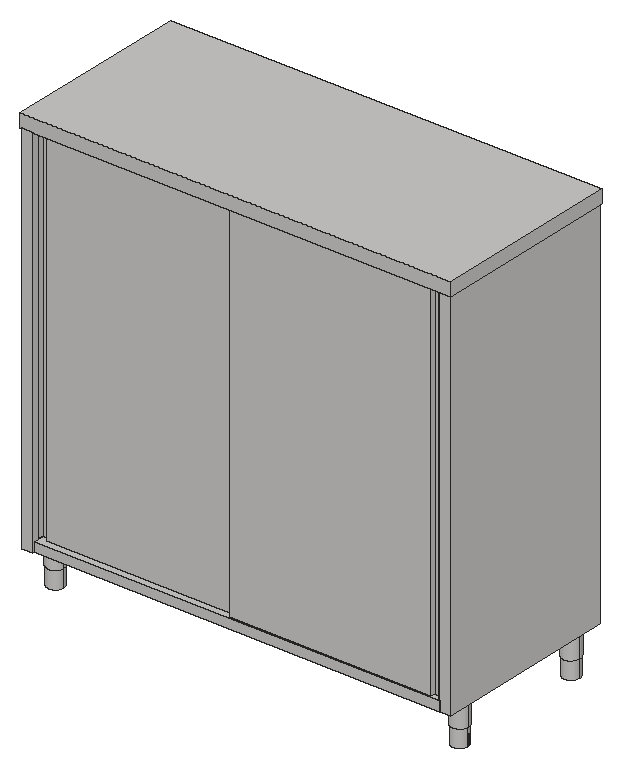
Revit family "QF_ELECTROLUXPROFESSIONAL_132888_SAS16N", category Attrezzature speciali, Revit 2020
Family settings
  Quota connettore circolare = Usa diametro
  Tipo di parte = Normale
  Basato su piano di lavoro = No
  Sempre verticale = Sì
  Taglio con vuoti quando caricato = No
  Condiviso = No
  Punto di calcolo locali = No
Parameters (values of type "Standard")
  Weight = 123.00 kg
  Watts = 0 W
  Volts = 0 V
  URL Manufacturer = "https://www.electroluxprofessional.com/"
  URL = "https://www.electroluxprofessional.com/"
  Steam Supply Size = 0 mm
  Steam Supply Minimum Pressure = 0.0 Pa
  Steam Supply Maximum Pressure = 0.0 Pa
  Steam Consumption per Hour = 0
  Refrigeration Suction Line Size = 0.0 mm
  Refrigeration Liquid Line Size = 0.0 mm
  Refrigerant Compressor Remote = yes
  Prospetto di default = 0.0 mm
  Phase = 0
  Modello = "SAS16N"
  Produttore = "Electrolux Professional"
  Length Actual = 1600.0 mm  # constant formula
  Item Number = "132888"
  Hot Water Size = 0 mm
  Height Actual = 1600.0 mm  # constant formula
  HP = "0 HP"
  Gas Size = 0 mm
  Gas KW = 0
  Gas Input Pressure = 0 W
  Direct Waste Size = 0 mm
  Descrizione = "STORAGE CAB(H=1600)+SLIDING DOORS 1600MM"
  Depth Actual = 700.0 mm  # constant formula
  Cycle = 0 Hz
  Condensate Return Size = 0 mm
  Compressed Air Volume = 0.0 L/s
  Compressed Air Size = 0 mm
  Compressed Air Pressure = 0.0 Pa
  Cold Water Size = 0 mm
  Accessory = yes
Reference planes
  plane 1 "Center (Front/Back)": y = 0
  plane 2: z = 0
  plane 3 "Center (Left/Right)": x = -300
  plane 4 "LEFT": x = -1100
  plane 5 "RIGHT": x = 500
  plane 6 "BACK": y = 350
  plane 7 "FRONT": y = -350
  plane 8 "TOP": z = 1600
  plane 9: x = -1052
  plane 10: x = 452
  plane 11: y = 270
  plane 12: y = -247
  plane 13 "FEET": z = 150
  plane 14: x = -1054.5
  plane 15: y = -344.5
  plane 16: x = 454.5
  plane 17: x = -326.5
  plane 18: x = -273.5
  plane 19 "BaseTop": z = 1550
  plane 20: x = -1094.5
  plane 21: x = 494.5
  plane 22: y = 344.5
Forms (mm)
  Extrusion 1, solid, material "QF_Finishes_Stainless Steel"
    sketch origin (0, 0, 150) x (-1, 0, 0) y (0, -1, 0)
      loop
        line (1094.5, -350) -> (1094.5, 350) -> (1054.5, 350) -> (1054.5, -350) -> (1094.5, -350)
      loop
        line (-454.5, -350) -> (-454.5, 344.5) -> (-494.5, 344.5) -> (-494.5, -350) -> (-454.5, -350)
    from 0 to 1400
  Extrusion 2, solid, material "QF_Finishes_Stainless Steel"
    sketch origin (0, 0, 150) x (-1, 0, 0) y (0, -1, 0)
      loop
        line (1054.5, -347) -> (1054.5, 344.5) -> (-454.5, 344.5) -> (-454.5, -347) -> (1054.5, -347)
    from 0 to 35
  Extrusion 3, solid, material "QF_Finishes_Stainless Steel"
    sketch origin (0, 0, 150) x (-1, 0, 0) y (0, -1, 0)
      loop
        line (-454.5, -350) -> (1054.5, -350) -> (1054.5, -327) -> (-454.5, -327) -> (-454.5, -350)
    from 1400 to 35
  Extrusion 4, solid, material "QF_Finishes_Stainless Steel"
    sketch origin (0, 0, 1550) x (-1, 0, 0) y (0, -1, 0)
      loop
        line (1100, 350) -> (-500, 350) -> (-500, -350) -> (1100, -350) -> (1100, 350)
    from 0 to 50
  Extrusion 5, solid, material "QF_Finishes_Stainless Steel"
    sketch origin (33, 0, 150) x (-1, 0, 0) y (0, -1, 0)
      loop
        line (306.5, 324.5) -> (306.5, 304.5) -> (1085, 304.5) -> (1085, 324.5) -> (1083, 324.5) -> (1083, 309.5) -> (1056.034, 309.5) -> (1056.034, 324.5) -> (306.5, 324.5)
    from 1400 to 40
  Extrusion 6, solid, material "QF_Finishes_Stainless Steel"
    sketch origin (-633, 0, 150) x (1, 0, 0) y (0, 1, 0)
      loop
        line (306.5, -344.5) -> (1056.034, -344.5) -> (1056.034, -329.5) -> (1083, -329.5) -> (1083, -344.5) -> (1085, -344.5) -> (1085, -324.5) -> (306.5, -324.5) -> (306.5, -344.5)
    from 1400 to 40
Lines and regions (mm)
  symbolic lines, style "SpecialityEquipment"
    curve 1: line (-1100, 350, 1550) -> (500, 350, 1550)
    curve 2: line (-1100, -350, 1550) -> (-1100, 350, 1550)
    curve 3: line (500, -350, 1550) -> (-1100, -350, 1550)
    curve 4: line (500, 350, 1550) -> (500, -350, 1550)
  symbolic lines, style "SpecialityEquipmentHiddenLines"
    curve 5: line (-1100, -350, 1550) -> (500, 350, 1550)
    curve 6: line (-326.5, -324.5, 200) -> (-326.5, -344.5, 200)
    curve 7: line (-1052, -304.5, 1550) -> (-273.5, -304.5, 1550)
    curve 8: line (-273.5, -304.5, 1550) -> (-273.5, -324.5, 1550)
    curve 9: line (-273.5, -324.5, 1550) -> (-1052, -324.5, 1550)
    curve 10: line (-1052, -324.5, 1550) -> (-1052, -304.5, 1550)
    curve 11: line (-326.5, -344.5, 1550) -> (452, -344.5, 1550)
    curve 12: line (452, -344.5, 1550) -> (452, -324.5, 1550)
    curve 13: line (452, -324.5, 1550) -> (-273.5, -324.5, 1550)
Dimensions and locks
  plane 4 "LEFT" to plane 5 "RIGHT" = 1600.0 mm
  equal spacing: plane 4 "LEFT", plane 3 "Center (Left/Right)", plane 5 "RIGHT"
  plane 6 "BACK" to plane 7 "FRONT" = 700.0 mm
  equal spacing: plane 6 "BACK", plane 1 "Center (Front/Back)", plane 7 "FRONT"
  locked: plane 13 "FEET" to level at 150
  locked: plane 4 "LEFT" to plane 9 at 48
  locked: plane 10 to plane 5 "RIGHT" at 48
  locked: plane 6 "BACK" to plane 11 at 80
  locked: plane 12 to plane 7 "FRONT" at 103
  locked: plane 8 "TOP" to level at 1600
  locked: plane 17 to plane 18 at 53
  equal spacing: plane 17, plane 3 "Center (Left/Right)", plane 18
  plane 4 "LEFT" to plane 20 = 5.5 mm
  locked: plane 20 to plane 14 at 40
  locked: plane 16 to plane 21 at 40
  locked: plane 21 to plane 5 "RIGHT" at 5.5
  plane 15 to plane 7 "FRONT" = 5.5 mm  (x2)
  plane 6 "BACK" to plane 22 = 5.5 mm
  locked: plane 8 "TOP" to plane 19 "BaseTop" at 50
  aligned and locked: level to plane 2
  aligned and locked: plane 9 to nested 1
  aligned and locked: plane 10 to nested 2
  aligned and locked: nested 4 to plane 11
  aligned and locked: plane 9 to nested 3
  aligned and locked: nested 3 to plane 11
  aligned and locked: plane 6 "BACK" to Extrusion 1 sketch curve
  aligned and locked: Extrusion 1 sketch curve to plane 6 "BACK"
  aligned and locked: Extrusion 1 sketch curve to plane 7 "FRONT"
  aligned and locked: plane 14 to Extrusion 1
  aligned and locked: Extrusion 2 to plane 14
  aligned and locked: Extrusion 2 to plane 15
  aligned and locked: nested 1 to plane 12
  aligned and locked: nested 2 to plane 12
  aligned and locked: Extrusion 2 sketch curve to plane 16
  aligned and locked: nested 4 to nested 2
  aligned and locked: plane 16 to Extrusion 3
  aligned and locked: Extrusion 3 to plane 14
  aligned and locked: plane 19 "BaseTop" to Extrusion 3
  aligned and locked: plane 19 "BaseTop" to Extrusion 5
  aligned and locked: plane 19 "BaseTop" to Extrusion 6
  aligned and locked: plane 19 "BaseTop" to Extrusion 1
Automatic sketch dimensions
  Extrusion 1 sketch curve to plane 15 = 0.0 mm
  Extrusion 1 sketch curve to plane 21 = 0.0 mm
  Extrusion 1 sketch curve to plane 16 = 0.0 mm
  Extrusion 1 sketch curve to plane 14 = 0.0 mm
  Extrusion 1 sketch curve to plane 20 = 0.0 mm
  Extrusion 2 sketch curve to plane 14 = 0.0 mm
  Extrusion 2 sketch curve to plane 15 = 0.0 mm
  plane 22 to Extrusion 2 sketch curve = 2.5 mm
  curve 6 to plane 15 = 0.0 mm
  curve 6 to plane 17 = 0.0 mm
  plane 15 to curve 6 = 20.0 mm
  Extrusion 3 sketch curve to plane 6 "BACK" = 0.0 mm
  Extrusion 3 sketch curve to plane 16 = 0.0 mm
  Extrusion 3 sketch curve to plane 14 = 0.0 mm
  plane 22 to Extrusion 3 sketch curve = 17.5 mm
  Extrusion 4 sketch curve to plane 5 "RIGHT" = 0.0 mm
  Extrusion 4 sketch curve to plane 4 "LEFT" = 0.0 mm
  Extrusion 4 sketch curve to plane 6 "BACK" = 0.0 mm
  Extrusion 4 sketch curve to plane 7 "FRONT" = 0.0 mm
  Extrusion 5 sketch curve to plane 18 = 0.0 mm
  Extrusion 5 sketch curve to plane 9 = 0.0 mm
  plane 9 to Extrusion 5 sketch curve = 28.966 mm
  plane 9 to Extrusion 5 sketch curve = 2.0 mm
  plane 15 to Extrusion 5 sketch curve = 40.0 mm
  Extrusion 5 sketch curve to Extrusion 5 sketch curve = 5.0 mm
  Extrusion 5 sketch curve to Extrusion 5 sketch curve = 15.0 mm  (x2)
  Extrusion 6 sketch curve to plane 17 = 0.0 mm
  Extrusion 6 sketch curve to plane 15 = 0.0 mm  (x2)
  Extrusion 6 sketch curve to plane 10 = 0.0 mm
  plane 10 to Extrusion 6 sketch curve = 28.966 mm
  Extrusion 6 sketch curve to plane 15 = 15.0 mm
  Extrusion 6 sketch curve to Extrusion 6 sketch curve = 20.0 mm
  Extrusion 6 sketch curve to Extrusion 6 sketch curve = 2.0 mm
  curve 1 to plane 5 "RIGHT" = 0.0 mm
  curve 11 to plane 10 = 0.0 mm
  curve 8 to plane 18 = 0.0 mm
  curve 11 to plane 17 = 0.0 mm
  curve 9 to plane 9 = 0.0 mm
  curve 3 to plane 4 "LEFT" = 0.0 mm
  curve 1 to plane 6 "BACK" = 0.0 mm
  curve 12 to plane 15 = 0.0 mm
  curve 4 to plane 7 "FRONT" = 0.0 mm
  plane 15 to curve 8 = 40.0 mm
  curve 13 to curve 11 = 20.0 mm
Nested families
  nested 1: "FEET_D60-150" at (-1052, -247, 0), type "FEET_D60-150"
  nested 2: "FEET_D60-150" at (452, -247, 0), type "FEET_D60-150"
  nested 3: "FEET_D60-150" at (-1052, 270, 0), type "FEET_D60-150"
  nested 4: "FEET_D60-150" at (452, 270, 0), type "FEET_D60-150"
Definition of nested family "FEET_D60-150"
  Parameters
    Default Elevation = 0.0 mm
    FEET = 150.0 mm
  Reference planes
    plane 1 "Center (Front/Back)": y = 0
    plane 2: z = 0
    plane 3 "Center (Left/Right)": x = 0
    plane 4: z = 150
  Forms (mm)
    Extrusion 1, solid
      sketch origin (0, 0, 0) x (1, 0, 0) y (0, 1, 0)
        loop
          circle (0, 0) r 28
      from 0 to 67
    Revolve 2, solid
      sketch origin (0, 0, 0) x (1, 0, 0) y (0, 0, 1)
        loop
          line (0, 0) -> (0, 150) -> (-32.939, 150) -> (-32.939, 67) -> (-30, 67) -> (-30, 0) -> (0, 0)
        axis (0, 150) -> (0, 0)
      angle from 0 to 360
  Lines and regions (mm)
    symbolic lines
      curve 1: line (0, -1.503, 0) -> (0, 1.508, 0)
      curve 2: line (1.561, 0, 0) -> (-1.439, 0, 0)
  Dimensions and locks
    "FEET": plane 4 to plane 2
    aligned and locked: level to plane 2
  Automatic sketch dimensions
    plane 1 "Center (Front/Back)" to Extrusion 1 sketch curve = 0.0 mm
    Extrusion 1 sketch curve to plane 3 "Center (Left/Right)" = 0.0 mm
    plane 1 "Center (Front/Back)" to curve 2 = 0.0 mm
    curve 1 to plane 3 "Center (Left/Right)" = 0.0 mm
    curve 2 to plane 3 "Center (Left/Right)" = 1.439 mm
    plane 3 "Center (Left/Right)" to curve 2 = 1.561 mm
    plane 1 "Center (Front/Back)" to curve 1 = 1.503 mm
    curve 1 to plane 1 "Center (Front/Back)" = 1.508 mm
    Revolve 2 sketch curve to plane 4 = 0.0 mm
    Revolve 2 sketch curve to level = 0.0 mm
    Revolve 2 sketch curve to plane 3 "Center (Left/Right)" = 0.0 mm  (x2)
    Revolve 2 sketch curve to plane 3 "Center (Left/Right)" = 30.0 mm
    Revolve 2 sketch curve to plane 3 "Center (Left/Right)" = 32.939 mm
    level to Revolve 2 sketch curve = 67.0 mm
    Revolve 2 sketch curve to level = 42.207 mm
    Revolve 2 sketch curve to Revolve 2 sketch curve = 10.0 mm
    radius of Extrusion 1 sketch curve = 28.0 mm
